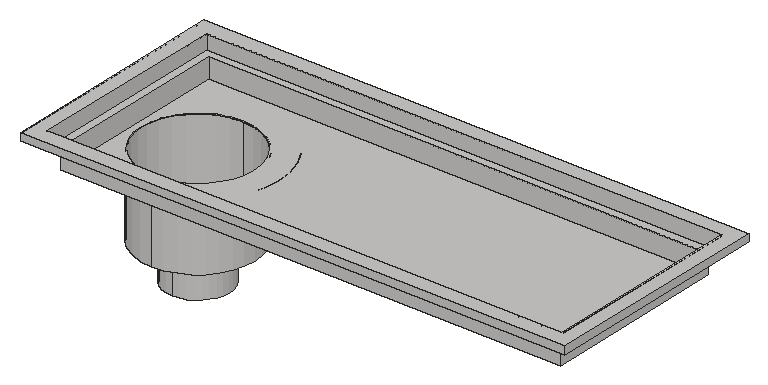
Revit family "QF_ELECTROLUXPROFESSIONAL_328053_FDA40100", category Attrezzature speciali, Revit 2020
Family settings
  Quota connettore circolare = Usa diametro
  Tipo di parte = Normale
  Basato su piano di lavoro = No
  Sempre verticale = Sì
  Taglio con vuoti quando caricato = No
  Condiviso = No
  Punto di calcolo locali = No
Parameters (values of type "Standard")
  Weight = 44.0925 lbm
  Watts = 0 W
  Volts = 0 V
  URL Manufacturer = "https://www.electroluxprofessional.com/"
  URL = "https://www.electroluxprofessional.com/"
  Steam Supply Size = 0"
  Steam Supply Minimum Pressure = 0.00 psi
  Steam Supply Maximum Pressure = 0.00 psi
  Steam Consumption per Hour = 0
  Refrigeration Suction Line Size = 0 mm
  Refrigeration Liquid Line Size = 0 mm
  Refrigerant Compressor Remote = yes
  Prospetto di default = 0 mm
  Phase = 0
  Modello = "FDA40100"
  Produttore = "Electrolux Professional"
  Length Actual = 950 mm  # constant formula
  Item Number = "328053"
  Hot Water Size = 0"
  Height Actual = 265 mm  # constant formula
  HP = "0 HP"
  Gas Size = 0"
  Gas KW = 0
  Gas Input Pressure = 0.0 Btu/h
  Direct Waste Size = 3.93701"
  Descrizione = "FLOOR DRAINAGE+GRATE+SIDE SIPHON-VERT.OUT. 400X950"
  Depth Actual = 400 mm  # constant formula
  Cycle = 0 Hz
  Condensate Return Size = 0"
  Compressed Air Volume = 0 GPM
  Compressed Air Size = 0"
  Compressed Air Pressure = 0.00 psi
  Cold Water Size = 0"
  Assembly Code = ""
  Accessory = yes
Reference planes
  plane 1: z = 0
  plane 2 "Center (Front/Back)": y = -102.225
  plane 3 "Center (Left/Right)": x = 9.791
  plane 4 "TOP": z = -265
  plane 5 "Back": y = 97.775
  plane 6 "Front": y = -302.225
  plane 7: x = -140.209
  plane 8: x = 159.791
  plane 9: x = 809.791
Forms (mm)
  Revolve 1, solid, material "QF_Metal-Stainless-Polished"
    sketch origin (9.791, 0, 0) x (0, 1, 0) y (0, 0, 1)
      loop
        line (38.775, -62) -> (38.775, -60) -> (-4.225, -60) -> (-4.225, -198) -> (-49.225, -198) -> (-49.225, -265) -> (-47.225, -265) -> (-47.225, -200) -> (-2.225, -200) -> (-2.225, -62) -> (38.775, -62)
      axis (-102.225, -265) -> (-102.225, -60)
    angle from 0 to 360
  Sweep 2, solid, material "QF_Finishes_Stainless Steel"
    path origin (0, 0, 0) x (1, 0, 0) y (0, 1, 0)
      loop
        line (-140.209, 97.775) -> (-140.209, -302.225) -> (809.791, -302.225) -> (809.791, 97.775) -> (-140.209, 97.775)
    profile origin (334.791, 97.775, 0) x (0, 1, 0) y (0, 0, 1)
      loop
        line (0, -11.945) -> (0, 1) -> (-26, 1) -> (-26, -25) -> (-40, -25) -> (-40, -59) -> (-50, -59) -> (-50, -60) -> (-39, -60) -> (-39, -26) -> (-25, -26) -> (-25, 0.055) -> (-1, 0.055) -> (-1, -11.945) -> (0, -11.945)
  Extrusion 3, solid, material "QF_Finishes_Stainless Steel"
    sketch origin (0, 0, 0) x (1, 0, 0) y (0, 1, 0)
      loop
        line (-90.209, 47.775) -> (-90.209, -252.225) -> (759.791, -252.225) -> (759.791, 47.775) -> (-90.209, 47.775)
      loop
        circle (9.791, -102.225) r 98
    from -59 to -60
Cuts and joins
  joined: Sweep 2, Extrusion 3
Lines and regions (mm)
  symbolic lines
    curve 1: line (-140.209, 97.775, 0) -> (809.791, 97.775, 0)
    curve 2: line (-140.209, -302.225, 0) -> (-140.209, 97.775, 0)
    curve 3: line (809.791, -302.225, 0) -> (-140.209, -302.225, 0)
    curve 4: line (809.791, 97.775, 0) -> (809.791, -302.225, 0)
    curve 5: circle (9.791, -102.225, 0) r 115 normal (0, 0, 1)
    curve 18: circle (9.791, -102.225, 0) r 115 normal (0, 0, -1)
    curve 24: line (-114.209, 71.775, 0) -> (783.791, 71.775, 0)
    curve 25: line (-114.209, -276.225, 0) -> (-114.209, 71.775, 0)
    curve 26: line (783.791, -276.225, 0) -> (-114.209, -276.225, 0)
    curve 27: line (783.791, 71.775, 0) -> (783.791, -276.225, 0)
    curve 28: circle (9.791, -102.225, 0) r 53 normal (0, 0, 1)
  model lines
    curve 6: line (-100.209, 71.775, 0) -> (-100.209, -276.225, 0)
    curve 7: line (-80.209, 71.775, 0) -> (-80.209, -276.225, 0)
    curve 8: line (-60.209, 71.775, 0) -> (-60.209, -276.225, 0)
    curve 9: line (-40.209, 71.775, 0) -> (-40.209, -276.225, 0)
    curve 10: line (-20.209, 71.775, 0) -> (-20.209, -276.225, 0)
    curve 11: line (-0.209, 71.775, 0) -> (-0.209, -276.225, 0)
    curve 12: line (19.791, 71.775, 0) -> (19.791, -276.225, 0)
    curve 13: line (39.791, 71.775, 0) -> (39.791, -276.225, 0)
    curve 14: line (59.791, 71.775, 0) -> (59.791, -276.225, 0)
    curve 15: line (79.791, 71.775, 0) -> (79.791, -276.225, 0)
    curve 16: line (99.791, 71.775, 0) -> (99.791, -276.225, 0)
    curve 17: line (119.791, 71.775, 0) -> (119.791, -276.225, 0)
    curve 19: line (-114.209, -22.225, 0) -> (783.791, -22.225, 0)
    curve 20: line (-114.209, -42.225, 0) -> (783.791, -42.225, 0)
    curve 21: line (-114.209, -62.225, 0) -> (783.791, -62.225, 0)
    curve 22: line (-114.209, -102.225, 0) -> (783.791, -102.225, 0)
    curve 23: line (-114.209, -122.225, 0) -> (783.791, -122.225, 0)
    curve 29: line (-114.209, 37.775, 0) -> (783.791, 37.775, 0)
    curve 30: line (-114.209, 17.775, 0) -> (783.791, 17.775, 0)
    curve 31: line (-114.209, -2.225, 0) -> (783.791, -2.225, 0)
    curve 32: line (-114.209, -202.225, 0) -> (783.791, -202.225, 0)
    curve 33: line (-114.209, -182.225, 0) -> (783.791, -182.225, 0)
    curve 34: line (-114.209, -162.225, 0) -> (783.791, -162.225, 0)
    curve 35: line (-114.209, -142.225, 0) -> (783.791, -142.225, 0)
    curve 36: line (-114.209, -262.225, 0) -> (783.791, -262.225, 0)
    curve 37: line (-114.209, -242.225, 0) -> (783.791, -242.225, 0)
    curve 38: line (-114.209, -222.225, 0) -> (783.791, -222.225, 0)
    curve 39: line (-114.209, 57.775, 0) -> (783.791, 57.775, 0)
    curve 40: line (139.791, 71.775, 0) -> (139.791, -276.225, 0)
    curve 41: line (159.791, 71.775, 0) -> (159.791, -276.225, 0)
    curve 42: line (179.791, 71.775, 0) -> (179.791, -276.225, 0)
    curve 43: line (199.791, 71.775, 0) -> (199.791, -276.225, 0)
    curve 44: line (219.791, 71.775, 0) -> (219.791, -276.225, 0)
    curve 45: line (239.791, 71.775, 0) -> (239.791, -276.225, 0)
    curve 46: line (259.791, 71.775, 0) -> (259.791, -276.225, 0)
    curve 47: line (279.791, 71.775, 0) -> (279.791, -276.225, 0)
    curve 48: line (299.791, 71.775, 0) -> (299.791, -276.225, 0)
    curve 49: line (319.791, 71.775, 0) -> (319.791, -276.225, 0)
    curve 50: line (339.791, 71.775, 0) -> (339.791, -276.225, 0)
    curve 51: line (359.791, 71.775, 0) -> (359.791, -276.225, 0)
    curve 52: line (379.791, 71.775, 0) -> (379.791, -276.225, 0)
    curve 53: line (399.791, 71.775, 0) -> (399.791, -276.225, 0)
    curve 54: line (419.791, 71.775, 0) -> (419.791, -276.225, 0)
    curve 55: line (439.791, 71.775, 0) -> (439.791, -276.225, 0)
    curve 56: line (459.791, 71.775, 0) -> (459.791, -276.225, 0)
    curve 57: line (479.791, 71.775, 0) -> (479.791, -276.225, 0)
    curve 58: line (499.791, 71.775, 0) -> (499.791, -276.225, 0)
    curve 59: line (519.791, 71.775, 0) -> (519.791, -276.225, 0)
    curve 60: line (539.791, 71.775, 0) -> (539.791, -276.225, 0)
    curve 61: line (559.791, 71.775, 0) -> (559.791, -276.225, 0)
    curve 62: line (579.791, 71.775, 0) -> (579.791, -276.225, 0)
    curve 63: line (599.791, 71.775, 0) -> (599.791, -276.225, 0)
    curve 64: line (619.791, 71.775, 0) -> (619.791, -276.225, 0)
    curve 65: line (639.791, 71.775, 0) -> (639.791, -276.225, 0)
    curve 66: line (659.791, 71.775, 0) -> (659.791, -276.225, 0)
    curve 67: line (679.791, 71.775, 0) -> (679.791, -276.225, 0)
    curve 68: line (699.791, 71.775, 0) -> (699.791, -276.225, 0)
    curve 69: line (719.791, 71.775, 0) -> (719.791, -276.225, 0)
    curve 70: line (739.791, 71.775, 0) -> (739.791, -276.225, 0)
    curve 71: line (759.791, 71.775, 0) -> (759.791, -276.225, 0)
    curve 72: line (-114.209, -82.225, 0) -> (783.791, -82.225, 0)
Dimensions and locks
  equal spacing: plane 8, plane 3 "Center (Left/Right)", plane 7
  level to plane 4 "TOP" = 265 mm
  locked: Revolve 1 sketch curve to Revolve 1 sketch curve at 141
  locked: Revolve 1 sketch curve to Revolve 1 sketch curve at 100
  locked: Revolve 1 sketch curve to Revolve 1 sketch curve at 55
  locked: plane 8 to plane 7 at 300
  equal spacing: plane 6 "Front", plane 2 "Center (Front/Back)", plane 5 "Back"
  locked: plane 6 "Front" to plane 5 "Back" at 400
  locked: plane 7 to plane 9 at 950
  aligned and locked: level to plane 1
  aligned and locked: Sweep 2 sketch curve to plane 9
  aligned and locked: curve 4 to plane 9
Automatic sketch dimensions
  Revolve 1 sketch curve to plane 2 "Center (Front/Back)" = 0 mm
  plane 4 "TOP" to Revolve 1 sketch curve = 65 mm
  Revolve 1 sketch curve to level = 62 mm
  Revolve 1 sketch curve to Revolve 1 sketch curve = 2 mm  (x4)
  Revolve 1 sketch curve to plane 4 "TOP" = 344.6 mm
  level to Revolve 1 sketch curve = 2466.13 mm
  plane 6 "Front" to Sweep 2 sketch curve = 0 mm
  Sweep 2 sketch curve to plane 7 = 0 mm
  plane 5 "Back" to Sweep 2 sketch curve = 0 mm
  level to Sweep 2 sketch curve = 1 mm
  Sweep 2 sketch curve to profile plane = 0 mm
  profile plane to Sweep 2 sketch curve = 1 mm
  profile plane to Sweep 2 sketch curve = 25 mm
  Sweep 2 sketch curve to Sweep 2 sketch curve = 1 mm  (x4)
  Sweep 2 sketch curve to Sweep 2 sketch curve = 14 mm
  level to Sweep 2 sketch curve = 0.055 mm
  Sweep 2 sketch curve to Sweep 2 sketch curve = 12 mm
  Sweep 2 sketch curve to level = 25 mm
  Sweep 2 sketch curve to Sweep 2 sketch curve = 33 mm
  Sweep 2 sketch curve to Sweep 2 sketch curve = 10 mm
  Revolve 1 sketch curve to plane 4 "TOP" = 0 mm
  curve 5 to curve 18 = 0 mm  (x2)
  curve 5 to curve 28 = 0 mm  (x2)
  plane 6 "Front" to curve 3 = 0 mm
  curve 3 to plane 7 = 0 mm
  curve 22 to plane 2 "Center (Front/Back)" = 0 mm
  curve 28 to plane 2 "Center (Front/Back)" = 0 mm
  curve 28 to plane 3 "Center (Left/Right)" = 0 mm
  curve 41 to plane 8 = 0 mm
  plane 5 "Back" to curve 2 = 0 mm
  plane 7 to curve 26 = 26 mm
  curve 27 to plane 9 = 26 mm
  curve 25 to plane 6 "Front" = 26 mm
  plane 5 "Back" to curve 25 = 26 mm
  curve 24 to curve 6 = 14 mm
  curve 6 to curve 7 = 20 mm
  curve 7 to curve 8 = 20 mm
  curve 8 to curve 9 = 20 mm
  curve 9 to curve 10 = 20 mm
  curve 11 to plane 3 "Center (Left/Right)" = 10 mm
  plane 3 "Center (Left/Right)" to curve 12 = 10 mm
  curve 12 to curve 13 = 20 mm
  curve 13 to curve 14 = 20 mm
  curve 14 to curve 15 = 20 mm
  curve 15 to curve 16 = 20 mm
  curve 16 to curve 17 = 20 mm
  curve 17 to curve 40 = 20 mm
  curve 41 to curve 42 = 20 mm
  curve 42 to curve 43 = 20 mm
  curve 43 to curve 44 = 20 mm
  curve 44 to curve 45 = 20 mm
  curve 45 to curve 46 = 20 mm
  curve 46 to curve 47 = 20 mm
  curve 47 to curve 48 = 20 mm
  curve 48 to curve 49 = 20 mm
  curve 49 to curve 50 = 20 mm
  curve 50 to curve 51 = 20 mm
  curve 51 to curve 52 = 20 mm
  curve 52 to curve 53 = 20 mm
  curve 53 to curve 54 = 20 mm
  curve 54 to curve 55 = 20 mm
  curve 55 to curve 56 = 20 mm
  curve 56 to curve 57 = 20 mm
  curve 57 to curve 58 = 20 mm
  curve 58 to curve 59 = 20 mm
  curve 59 to curve 60 = 20 mm
  curve 60 to curve 61 = 20 mm
  curve 61 to curve 62 = 20 mm
  curve 62 to curve 63 = 20 mm
  curve 63 to curve 64 = 20 mm
  curve 64 to curve 65 = 20 mm
  curve 65 to curve 66 = 20 mm
  curve 66 to curve 67 = 20 mm
  curve 67 to curve 68 = 20 mm
  curve 68 to curve 69 = 20 mm
  curve 69 to curve 70 = 20 mm
  curve 70 to curve 71 = 20 mm
  curve 26 to curve 36 = 14 mm
  curve 36 to curve 37 = 20 mm
  curve 37 to curve 38 = 20 mm
  curve 38 to curve 32 = 20 mm
  curve 32 to curve 33 = 20 mm
  curve 33 to curve 34 = 20 mm
  curve 34 to curve 35 = 20 mm
  curve 23 to plane 2 "Center (Front/Back)" = 20 mm
  plane 2 "Center (Front/Back)" to curve 72 = 20 mm
  curve 72 to curve 21 = 20 mm
  curve 21 to curve 20 = 20 mm
  curve 20 to curve 19 = 20 mm
  curve 19 to curve 31 = 20 mm
  curve 31 to curve 30 = 20 mm
  curve 30 to curve 29 = 20 mm
  curve 39 to curve 24 = 14 mm
  Extrusion 3 sketch curve to plane 2 "Center (Front/Back)" = 0 mm
  Extrusion 3 sketch curve to plane 3 "Center (Left/Right)" = 0 mm
  plane 7 to Extrusion 3 sketch curve = 50 mm
  Extrusion 3 sketch curve to plane 9 = 50 mm
  Extrusion 3 sketch curve to plane 6 "Front" = 50 mm
  plane 5 "Back" to Extrusion 3 sketch curve = 50 mm
  radius of curve 5 = 115 mm
  radius of curve 18 = 115 mm
  radius of curve 28 = 53 mm
  radius of Extrusion 3 sketch curve = 98 mm
Connectors
  piping at (9.791, -102.225, -265), diameter 100, driven by "Direct Waste Size"
    settings: on Revolve 1, index 1, connector inside diameter 24", connector length 0 mm, flow factor 0, pipe flow 0 GPM, pressure drop 0.00 psi, fitting loss kfactor 0, connector angle 0.00°, fixture units 0, engagement length 0 mm, angle of deflection 0.00°, flow configuration 1, flow direction 2, fitting loss method 0, system type 16, joint type 0, gender type 0, connector reference index -1, connector utility 0, adjustable connector no, is connector primary yes, connector description "Drain"
